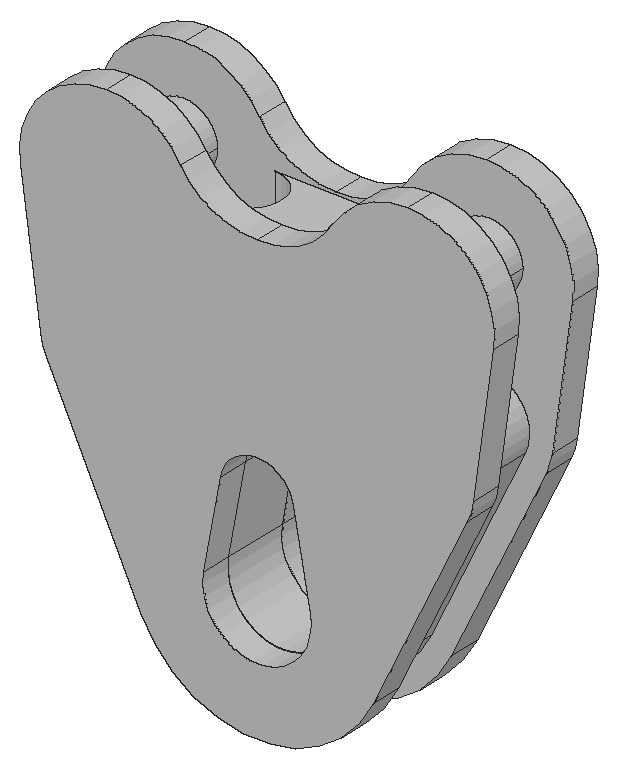
Revit family "HCL_Latchways_FallArrstSymGddAnchrLine_SingleSpanSystem", category Specialty Equipment, host Face, Revit 2014
Parameters (values of type "FallArrestSystemGuidedAnchorLine_SingleSpanSystem_SingleSpanTrolley_MSA_Latchways")
  WarrantyStartDate [instance] = "1900-12-31T23:59:59"
  WarrantyGuarantorParts = "n/a"
  WarrantyGuarantorLabor = "n/a"
  WarrantyDurationUnit = "year"
  WarrantyDurationParts = "n/a"
  WarrantyDurationLabor = "n/a"
  WarrantyDescription = "n/a"
  Version = "1"  # constant formula
  Uniclass2 = "Ss_80_30_25_35"
  URL = "www.latchways.com"
  Type Comments = "n/a"
  ThreadedSwageMaterial = LWplc_Latchways_StainlessSteel_MarineGrade316
  ThreadedSwage = no
  TagNumber [instance] = "n/a"
  SwageSlipIndicatorMaterial = LWplc_Latchways_StainlessSteel_MarineGrade316
  SustainabilityPerformance = "n/a"
  StartSetSwageSlipIndicator = no
  Size = "n/a"
  SingleSpanTrolleyMaterial = LWplc_Latchways_StainlessSteel_MarineGrade316
  SingleSpanTrolley = yes
  Shape = "n/a"
  ServiceLifeDuration = "n/a"
  SerialNumber [instance] = "n/a"
  RodMaterial = LWplc_Latchways_StainlessSteel_MarineGrade316
  Revision = "n/a"
  ReplacementCost = "n/a"
  Reference = "n/a"
  ProductInformation = "www.latchways.com/BIM/Latchways_OverheadSystem_SingleSpan_Trolley.pdf"
  NominalWidth = 0 mm
  NominalLength = 0 mm
  NominalHeight = 0 mm
  Name = "FallArrestSystemGuidedAnchorLine_SingleSpanSystem_SingleSpanTrolley_MSA_Latchways"
  NBSReference = "80-50-25/110"
  NBSNote = "n/a"
  NBSDescription = "Fall arrest system - guided anchor line"
  ModelReference = "Overhead system Single Span"
  ModelNumber = "n/a"
  Model = "n/a"
  Material = "All critical components are manufactured from stainless steel grade 316"
  ManufacturerURL = "www.latchways.com"
  ManufacturerName = "MSA Latchways"
  Manufacturer = "info@latchways.com"
  LongRunLineTenserMaterial = LWplc_Latchways_StainlessSteel_MarineGrade316
  LongRunLineTenser = no
  Installer Website = "https://www.hclsafety.com/"
  Installer Info = "https://www.hclsafety.com/wp-content/uploads/2017/10/AC55-HCL-A4-brochure-2017.pdf"
  InstallationDate [instance] = "1900-12-31T23:59:59"
  IfcExportType = "IfcTransportElement"  # constant formula
  IfcExportAs = "NOTDEFINED"  # constant formula
  HeavyDutyDRingMaterial = LWplc_Latchways_StainlessSteel_MarineGrade316
  HeavyDutyDRing = no
  Grade = "n/a"
  FireExit = no
  Finish = "n/a"
  Features = "n/a"
  ExtendedTurnbuckleBodyMaterial = LWplc_Latchways_StainlessSteel_MarineGrade316
  ExtendedTurnbuckleBody = no
  ExpectedLife = "n/a"
  EnergyAbsorberMaterial = LWplc_Latchways_PVCu_Vinakon_Black
  EnergyAbsorber = no
  EndSetSwageSlipIndicator = no
  DurationUnit = "year"
  Description = "Latchways’ overhead systems combine revolutionary Constant\r\nForce® technology with an innovative mobile anchorage device. With the capacity for multiple workers to be attached, the system offers unhindered mobilty and continuous, hands-free security whilst\r\nworking at height. System compliant with latest EN 795 standard"
  Default Elevation = 1219.2 mm
  Constituents = "n/a"
  Color = "n/a"
  CodePerformance = "n/a"
  Category = "n/a"
  BoltMaterial = LWplc_Latchways_StainlessSteel_MarineGrade316
  BarCode [instance] = "n/a"
  BIMObjectName = "HCL_Latchways_FallArrestSystemGuidedAnchorLine_SingleSpanSystem_SingleSpanTrolley"
  Author = "MSA Latchways"  # constant formula
  AssetType = "Fixed"
  AssetIdentifier [instance] = "n/a"
  AccessibilityPerformance = "n/a"
Types (4, lengths in mm): name | ThreadedSwage | StartSetSwageSlipIndicator | SingleSpanTrolley | ProductInformation | Name | LongRunLineTenser | HeavyDutyDRing | ExtendedTurnbuckleBody | EnergyAbsorber | EndSetSwageSlipIndicator | BIMObjectName
  (no name) | no | no | yes | "www.latchways.com/BIM/Latchways_OverheadSystem_SingleSpan_Trolley.pdf" | "FallArrestSystemGuidedAnchorLine_SingleSpanSystem_SingleSpanTrolley_MSA_Latchways" | no | no | no | no | no | "HCL_Latchways_FallArrestSystemGuidedAnchorLine_SingleSpanSystem_SingleSpanTrolley"
  FallArrestSystemGuidedAnchorLine_SingleSpanSystem_EndSet_MSA_Latchways | no | no | no | "www.latchways.com/BIM/Latchways_OverheadSystem_SingleSpan_Multispan_EndSet.pdf" | "FallArrestSystemGuidedAnchorLine_SingleSpanSystem_EndSet_MSA_Latchways" | no | yes | no | yes | yes | "HCL_Latchways_FallArrestSystemGuidedAnchorLine_SingleSpanSystem_EndSet"
  FallArrestSystemGuidedAnchorLine_SingleSpanSystem_SingleSpanTrolley_MSA_Latchways | no | no | yes | "www.latchways.com/BIM/Latchways_OverheadSystem_SingleSpan_Trolley.pdf" | "FallArrestSystemGuidedAnchorLine_SingleSpanSystem_SingleSpanTrolley_MSA_Latchways" | no | no | no | no | no | "HCL_Latchways_FallArrestSystemGuidedAnchorLine_SingleSpanSystem_SingleSpanTrolley"
  FallArrestSystemGuidedAnchorLine_SingleSpanSystem_StartSet_MSA_Latchways | yes | yes | no | "www.latchways.com/BIM/Latchways_OverheadSystem_SingleSpan_Multispan_StartSet.pdf" | "FallArrestSystemGuidedAnchorLine_SingleSpanSystem_StartSet_MSA_Latchways" | yes | yes | yes | no | no | "HCL_Latchways_FallArrestSystemGuidedAnchorLine_SingleSpanSystem_StartSet"
Reference planes
  plane 1 "Center (Front/Back)": y = 0
  plane 2: z = 0
  plane 3 "Center (Left/Right)": x = 0
Dimensions and locks
  aligned and locked: plane 2 to host face
  aligned and locked: level to host face
  aligned and locked: nested 1 to host face
Nested families
  nested 1: "LWplc_Latchways_FallArrstSymGddAnchrLine_HeavyDutyD-Ring" at (0, 0.469, 0) x (0, 1, 0) z (0, 0, 1), visible <- "HeavyDutyDRing", type "HeavyDutyD-Ring_Latchways"
  nested 2: "LWplc_Latchways_FallArrstSymGddAnchrLine_EnergyAbsorber" at (189.375, 0, 0) x (-1, 0, 0) z (0, 0, 1), visible <- "EnergyAbsorber", type "EnergyAbsorber_Latchways"
  nested 3: "LWplc_Latchways_FallArrstSymGddAnchrLine_SwageSlipIndicator" at (432.72, -0.04, 31.488) x (0, 0, 1) z (1, 0, 0), visible <- "EndSetSwageSlipIndicator", type "SwageSlipIndicator_Latchways"
  nested 4: "LWplc_Latchways_FallArrstSymGddAnchrLine_SingleSpanTrolley" at (0, 9.474, 30.297), visible <- "SingleSpanTrolley", type "SingleSpanTrolley_Latchways"
  nested 5: "LWplc_Latchways_FallArrstSymGddAnchrLine_LongRunLineTenser" at (-51.406, -0.156, 0) x (-1, 0, 0) z (0, 0, 1), visible <- "LongRunLineTenser", type "LongRunLineTenser_Latchways"
  nested 6: "LWplc_Latchways_FallArrstSymGddAnchrLine_TurnBuckleBody" at (-332.707, -0.156, 31.906) x (0, 0, 1) z (-1, 0, 0), visible <- "ExtendedTurnbuckleBody", type "TurnBuckleBody_Latchways"
  nested 7: "LWplc_Latchways_FallArrstSymGddAnchrLine_ThreadedSwage" at (-854.707, -0.156, 31.806) x (0, 0, 1) z (-1, 0, 0), visible <- "ThreadedSwage", type "FallArrestSystemGuidedAnchorLine_ThreadedSwage_Latchways"
  nested 8: "LWplc_Latchways_FallArrstSymGddAnchrLine_SwageSlipIndicator" at (-1191.707, -0.156, 32.111) x (0, 0, -1) z (-1, 0, 0), visible <- "StartSetSwageSlipIndicator", type "SwageSlipIndicator_Latchways"
Definition of nested family "LWplc_Latchways_FallArrstSymGddAnchrLine_HeavyDutyD-Ring"
  Parameters (values of type "HeavyDutyD-Ring_Latchways")
    D-RingMaterial = LWplc_Latchways_StainlessSteel_MarineGrade316
    D-RingVisible [instance] = yes
  Reference planes
    plane 1 "Center (Front/Back)": y = 0
    plane 2: z = 0
    plane 3 "Center (Left/Right)": x = 0
    plane 4: z = 10
    plane 5: y = 50.785
    plane 6: y = -51.526
  Forms (mm)
    Extrusion 1, solid, material "LWplc_Latchways_StainlessSteel_MarineGrade316" <- "D-RingMaterial", visible <- "D-RingVisible", detail levels medium+fine
      sketch origin (0, 0, 0) x (1, 0, 0) y (0, 1, 0)
        loop
          line (-24.815, -12.3) -> (-6.291, -49.853)
          arc (-6.291, -49.853) -> (-5.185, -51.074) -> (-3.601, -51.526) r 3
          line (-3.601, -51.526) -> (2.399, -51.526)
          arc (2.399, -51.526) -> (3.983, -51.074) -> (5.09, -49.853) r 3
          line (5.09, -49.853) -> (23.614, -12.3)
          arc (23.614, -12.3) -> (26.399, -0.352) -> (23.61, 11.596) r 27
          line (23.61, 11.596) -> (5.089, 49.113)
          arc (5.089, 49.113) -> (3.983, 50.333) -> (2.399, 50.785) r 3
          line (2.399, 50.785) -> (-3.601, 50.785)
          arc (-3.601, 50.785) -> (-5.184, 50.333) -> (-6.291, 49.113) r 3
          line (-6.291, 49.113) -> (-24.811, 11.596)
          arc (-24.811, 11.596) -> (-27.601, -0.352) -> (-24.815, -12.3) r 27
      from 0 to 10
    Extrusion 2, solid, material "LWplc_Latchways_StainlessSteel_MarineGrade316" <- "D-RingMaterial", visible <- "D-RingVisible"
      sketch origin (0, 535.467, 227.54) x (0, 1, 0) y (0, 0, 1)
        loop
          arc (-561.11, -182.619) -> (-535.818, -171.857) -> (-510.526, -182.619) r 35.1
          arc (-510.526, -182.619) -> (-507.087, -186.884) -> (-505.408, -192.099) r 15
          arc (-505.408, -192.099) -> (-507.841, -206.708) -> (-517.941, -217.54) r 25.661
          line (-517.941, -217.54) -> (-486.699, -217.54) -> (-486.699, -205.173)
          arc (-486.699, -205.173) -> (-497.091, -174.829) -> (-523.902, -157.227) r 49.497
          arc (-523.902, -157.227) -> (-566.124, -166.332) -> (-585.021, -205.173) r 49.366
          line (-585.021, -205.173) -> (-585.021, -217.54) -> (-553.695, -217.54)
          arc (-553.695, -217.54) -> (-563.795, -206.708) -> (-566.228, -192.099) r 25.661
          arc (-566.228, -192.099) -> (-564.55, -186.884) -> (-561.11, -182.619) r 15
      from -6.598 to 5.392
    Blend 3, void, detail levels medium+fine
      base sketch origin (0, 0, 0) x (1, 0, 0) y (0, 1, 0)
        loop
          circle (-0.625, -0.312) r 13.605
      top sketch origin (0, 0, 0) x (1, 0, 0) y (0, 1, 0)
        loop
          circle (-0.625, -0.312) r 8.974
      from 0 to 10
    Extrusion 4, solid, material "LWplc_Latchways_StainlessSteel_MarineGrade316" <- "D-RingMaterial", visible <- "D-RingVisible", detail levels coarse
      sketch origin (0, 0, 0) x (1, 0, 0) y (0, 1, 0)
        loop
          line (4.265, -51.526) -> (23.614, -12.3) -> (23.614, 11.588) -> (4.264, 50.785) -> (-5.465, 50.785) -> (-25, 11.213) -> (-25, -11.925) -> (-5.466, -51.526) -> (4.265, -51.526)
      from 0 to 10
  Cuts and joins
    Blend 3 cuts Extrusion 1
    Blend 3 cuts Extrusion 2
  Dimensions and locks
    aligned and locked: level to plane 2
    aligned and locked: plane 5 to Extrusion 1
    aligned and locked: plane 6 to Extrusion 1
    aligned and locked: Extrusion 2 to plane 4  (x2)
Definition of nested family "LWplc_Latchways_FallArrstSymGddAnchrLine_EnergyAbsorber"
  Parameters (values of type "EnergyAbsorber_Latchways")
    RodMaterial = LWplc_Latchways_StainlessSteel_MarineGrade316
    EnergyAbsorberVisible [instance] = yes
    EnergyAbsorberMaterial = LWplc_Latchways_PVCu_Vinakon_Black
    BoltMaterial = LWplc_Latchways_StainlessSteel_MarineGrade316
  Reference planes
    plane 1 "Center (Front/Back)": y = 0
    plane 2: z = 0
    plane 3 "Center (Left/Right)": x = 0
  Forms (mm)
    Extrusion 1, solid, material "LWplc_Latchways_PVCu_Vinakon_Black" <- "EnergyAbsorberMaterial", visible <- "EnergyAbsorberVisible", detail levels medium+fine
      sketch origin (0, 27.839, 0) x (1, 0, 0) y (0, 0, 1)
        loop
          line (-141.559, 32.09) -> (-140.796, 10.258)
          arc (-140.796, 10.258) -> (-136.948, 2.9) -> (-128.802, 1.29) r 9.607
          line (-128.802, 1.29) -> (-128.802, 5.402) -> (-108.802, 5.402) -> (-108.802, 0.591) -> (43.394, 0.591) -> (43.394, 5.746) -> (45.975, 5.729) -> (46.19, -0.41) -> (99.851, 1.464)
          arc (99.851, 1.464) -> (100.951, 1.919) -> (101.407, 3.019) r 1.555
          line (101.407, 3.019) -> (101.352, 4.583)
          arc (101.352, 4.583) -> (101.635, 5.267) -> (102.319, 5.55) r 0.967
          line (102.319, 5.55) -> (125.316, 6.353)
          arc (125.316, 6.353) -> (126.782, 6.96) -> (127.389, 8.427) r 2.074
          line (127.389, 8.427) -> (127.335, 9.99)
          arc (127.335, 9.99) -> (127.618, 10.674) -> (128.301, 10.957) r 0.967
          line (128.301, 10.957) -> (140.827, 11.395)
          arc (140.827, 11.395) -> (142.082, 11.895) -> (142.732, 13.08) r 2
          arc (142.732, 13.08) -> (143.858, 22.555) -> (144.234, 32.09) r 121.069
          arc (144.234, 32.09) -> (143.858, 41.624) -> (142.732, 51.099) r 121.069
          arc (142.732, 51.099) -> (142.082, 52.284) -> (140.827, 52.784) r 2
          line (140.827, 52.784) -> (128.301, 53.222)
          arc (128.301, 53.222) -> (127.618, 53.505) -> (127.335, 54.189) r 0.967
          line (127.335, 54.189) -> (127.389, 55.752)
          arc (127.389, 55.752) -> (126.782, 57.219) -> (125.316, 57.826) r 2.074
          line (125.316, 57.826) -> (102.319, 58.629)
          arc (102.319, 58.629) -> (101.635, 58.912) -> (101.352, 59.596) r 0.967
          line (101.352, 59.596) -> (101.407, 61.16)
          arc (101.407, 61.16) -> (100.951, 62.26) -> (99.851, 62.715) r 1.555
          line (99.851, 62.715) -> (46.19, 64.589) -> (45.975, 58.45) -> (43.394, 58.433) -> (43.394, 63.589) -> (-108.802, 63.589) -> (-108.802, 58.777) -> (-128.802, 58.777) -> (-128.802, 62.889)
          arc (-128.802, 62.889) -> (-136.948, 61.279) -> (-140.796, 53.921) r 9.607
          line (-140.796, 53.921) -> (-141.559, 32.09)
      from -6.643 to 62.32
    Extrusion 2, solid, material "LWplc_Latchways_PVCu_Vinakon_Black" <- "EnergyAbsorberMaterial", visible <- "EnergyAbsorberVisible"
      sketch origin (0, 27.839, 0) x (1, 0, 0) y (0, 1, 0)
        loop
          line (-78.744, 6.643) -> (38.592, 6.643)
          arc (38.592, 6.643) -> (-20.076, 40.314) -> (-78.744, 6.643) r 67.946
        loop
          line (38.349, -62.32) -> (-78.501, -62.32)
          arc (-78.501, -62.32) -> (-20.076, -95.579) -> (38.349, -62.32) r 67.946
      from 1.29 to 62.715
    Extrusion 3, solid, material "LWplc_Latchways_PVCu_Vinakon_Black" <- "EnergyAbsorberMaterial", visible <- "EnergyAbsorberVisible", detail levels coarse
      sketch origin (0, 27.839, 0) x (1, 0, 0) y (0, 0, 1)
        loop
          line (-140.796, 53.921) -> (-141.559, 32.09) -> (-140.796, 10.258)
          arc (-140.796, 10.258) -> (-136.948, 2.9) -> (-128.802, 1.29) r 9.607
          line (-128.802, 1.29) -> (-128.802, 5.402) -> (-108.802, 5.402) -> (-108.802, 0.591) -> (101.352, 0.591) -> (101.352, 5.516) -> (127.389, 6.425) -> (127.389, 11.452) -> (142.462, 11.452)
          arc (142.462, 11.452) -> (143.79, 21.733) -> (144.234, 32.09) r 121.069
          arc (144.234, 32.09) -> (143.79, 42.446) -> (142.462, 52.727) r 121.069
          line (142.462, 52.727) -> (127.389, 52.727) -> (127.389, 57.754) -> (101.352, 58.663) -> (101.352, 63.589) -> (-108.802, 63.589) -> (-108.802, 58.777) -> (-128.802, 58.777) -> (-128.802, 62.889)
          arc (-128.802, 62.889) -> (-136.948, 61.279) -> (-140.796, 53.921) r 9.607
      from -6.643 to 62.32
    Extrusion 4, solid, material "LWplc_Latchways_StainlessSteel_MarineGrade316" <- "BoltMaterial", visible <- "EnergyAbsorberVisible"
      sketch origin (-1.875, 27.839, 0) x (1, 0, 0) y (0, 0, 1)
        loop
          line (145.113, 16.591) -> (176.117, 16.591)
          arc (176.117, 16.591) -> (191.117, 31.591) -> (176.117, 46.591) r 15
          line (176.117, 46.591) -> (145.238, 46.591)
          arc (145.238, 46.591) -> (145.891, 39.355) -> (146.109, 32.091) r 121.069
          arc (146.109, 32.091) -> (145.86, 24.324) -> (145.113, 16.591) r 121.069
      from 16.254 to 21.254
    Extrusion 5, solid, material "LWplc_Latchways_StainlessSteel_MarineGrade316" <- "BoltMaterial", visible <- "EnergyAbsorberVisible"
      sketch origin (-1.875, 9.906, 0) x (1, 0, 0) y (0, 0, 1)
        loop
          line (145.113, 16.591) -> (176.117, 16.591)
          arc (176.117, 16.591) -> (191.117, 31.591) -> (176.117, 46.591) r 15
          line (176.117, 46.591) -> (145.237, 46.591)
          arc (145.237, 46.591) -> (145.891, 39.354) -> (146.109, 32.09) r 121.069
          arc (146.109, 32.09) -> (145.86, 24.324) -> (145.113, 16.591) r 121.069
      from 16.254 to 21.254
    Extrusion 6, solid, material "LWplc_Latchways_StainlessSteel_MarineGrade316" <- "BoltMaterial", visible <- "EnergyAbsorberVisible", detail levels medium+fine
      sketch origin (0, 0, 0) x (1, 0, 0) y (0, 0, 1)
        loop
          circle (172.655, 31.654) r 5.9
      from -6.585 to 6.348
    Extrusion 7, solid, material "LWplc_Latchways_StainlessSteel_MarineGrade316" <- "BoltMaterial", visible <- "EnergyAbsorberVisible", detail levels medium+fine
      sketch origin (0, 0, 0) x (1, 0, 0) y (0, 0, 1)
        loop
          line (161.884, 31.704) -> (167.313, 22.301) -> (177.997, 22.301) -> (183.426, 31.704) -> (177.997, 41.007) -> (167.313, 41.007) -> (161.884, 31.704)
      from 11.348 to 18.933
    Extrusion 8, solid, material "LWplc_Latchways_StainlessSteel_MarineGrade316" <- "BoltMaterial", visible <- "EnergyAbsorberVisible", detail levels medium+fine
      sketch origin (0, 30.518, 0) x (1, 0, 0) y (0, 0, 1)
        loop
          line (161.884, 31.704) -> (167.313, 22.301) -> (177.997, 22.301) -> (183.426, 31.704) -> (177.997, 41.007) -> (167.313, 41.007) -> (161.884, 31.704)
      from 11.348 to 18.933
    Extrusion 9, solid, material "LWplc_Latchways_StainlessSteel_MarineGrade316" <- "BoltMaterial", visible <- "EnergyAbsorberVisible", detail levels medium+fine
      sketch origin (-130.211, 172.659, 0) x (0, -1, 0) y (0, 0, 1)
        loop
          line (161.884, 31.704) -> (167.313, 22.301) -> (177.997, 22.301) -> (183.426, 31.704) -> (177.997, 41.007) -> (167.313, 41.007) -> (161.884, 31.704)
      from 11.348 to 22.691
    Revolve 10, solid, material "LWplc_Latchways_StainlessSteel_MarineGrade316" <- "RodMaterial", visible <- "EnergyAbsorberVisible"
      sketch origin (0, 0, 0) x (1, 0, 0) y (0, 0, 1)
        loop
          line (-243.345, 31.654) -> (-141.559, 31.654) -> (-141.559, 37.954) -> (-239.845, 37.954) -> (-243.345, 37.016) -> (-243.345, 31.654)
        axis (-141.559, 31.654) -> (-243.345, 31.654)
      angle from 0 to 360
  Dimensions and locks
    aligned and locked: level to plane 2
    aligned and locked: Extrusion 1 to Extrusion 3  (x2)
    aligned and locked: Extrusion 2 to Extrusion 1  (x2)
Definition of nested family "LWplc_Latchways_FallArrstSymGddAnchrLine_SwageSlipIndicator"
  Parameters (values of type "SwageSlipIndicator_Latchways")
    SwageSlipVisible [instance] = yes
    SwageSlipMaterial = LWplc_Latchways_StainlessSteel_MarineGrade316
    SwageSlipLength = 25 mm
    Default Elevation = 1219.2 mm
  Reference planes
    plane 1 "Center (Front/Back)": y = 0
    plane 2: z = 0
    plane 3 "Center (Left/Right)": x = 0
    plane 4: z = 25
    plane 5: z = 21.622
    plane 6: z = 3.378
    plane 7: z = 12.5
  Forms (mm)
    Extrusion 1, solid, material "LWplc_Latchways_StainlessSteel_MarineGrade316" <- "SwageSlipMaterial", visible <- "SwageSlipVisible"
      sketch origin (0, 0, 12.5) x (0, 1, 0) y (-1, 0, 0)
        loop
          circle (0, 0) r 6.35
      from -12.5 to 12.5
    Extrusion 2, void
      sketch origin (0, 0, 12.5) x (0, 1, 0) y (-1, 0, 0)
        loop
          circle (0, 0) r 4.75
      from -9.122 to 9.122
    Blend 3, void
      base sketch origin (0, 0, 12.5) x (0, 1, 0) y (-1, 0, 0)
        loop
          circle (0, 0) r 5.55
      top sketch origin (0, 0, 12.5) x (0, 1, 0) y (-1, 0, 0)
        loop
          circle (0, 0) r 4.75
      from -12.5 to -9.122
    Blend 4, void
      base sketch origin (0, 0, 0) x (1, 0, 0) y (0, 1, 0)
        loop
          circle (0, 0) r 4.75
      top sketch origin (0, 0, 0) x (1, 0, 0) y (0, 1, 0)
        loop
          circle (0, 0) r 5.55
      from 21.622 to 25
  Cuts and joins
    Extrusion 2, Blend 3, Blend 4 cuts Extrusion 1
  Dimensions and locks
    aligned and locked: level to plane 2
    aligned and locked: Blend 4 to plane 5
    aligned and locked: plane 4 to Blend 4
Definition of nested family "LWplc_Latchways_FallArrstSymGddAnchrLine_SingleSpanTrolley"
  Parameters (values of type "SingleSpanTrolley_Latchways")
    SingleSpanTrolleyVisible [instance] = yes
    SingleSpanTrolleyMaterial = LWplc_Latchways_StainlessSteel_MarineGrade316
  Reference planes
    plane 1 "Center (Front/Back)": y = 0
    plane 2: z = 0
    plane 3 "Center (Left/Right)": x = 0
  Forms (mm)
    Extrusion 1, solid, material "LWplc_Latchways_StainlessSteel_MarineGrade316" <- "SingleSpanTrolleyMaterial", visible <- "SingleSpanTrolleyVisible", detail levels medium+fine
      sketch origin (0, 0, 0) x (1, 0, 0) y (0, 0, 1)
        loop
          arc (-22.214, 47.553) -> (-31.847, 43.355) -> (-34.875, 33.293) r 12.5
          line (-34.875, 33.293) -> (-31.902, 12.163)
          arc (-31.902, 12.163) -> (-31.571, 10.659) -> (-31.013, 9.224) r 10
          line (-31.013, 9.224) -> (-17.125, -19.674)
          arc (-17.125, -19.674) -> (0, -30.444) -> (17.125, -19.674) r 19
          line (17.125, -19.674) -> (31.013, 9.224)
          arc (31.013, 9.224) -> (31.571, 10.659) -> (31.902, 12.163) r 10
          line (31.902, 12.163) -> (34.875, 33.293)
          arc (34.875, 33.293) -> (31.847, 43.355) -> (22.214, 47.553) r 12.5
          arc (22.214, 47.553) -> (15.951, 46.034) -> (11.277, 41.598) r 12.5
          arc (11.277, 41.598) -> (6.483, 37.042) -> (0, 35.569) r 12.5
          arc (0, 35.569) -> (-6.399, 36.997) -> (-11.195, 41.468) r 12.5
          arc (-11.195, 41.468) -> (-15.881, 45.996) -> (-22.214, 47.553) r 12.5
        loop
          line (-5.409, 2.349) -> (-7.868, -10.998)
          arc (-7.868, -10.998) -> (0, -20.447) -> (7.868, -10.998) r 8
          line (7.868, -10.998) -> (5.409, 2.349)
          arc (5.409, 2.349) -> (0, 6.853) -> (-5.409, 2.349) r 5.5
      from 0 to 4.5
    Extrusion 2, solid, material "LWplc_Latchways_StainlessSteel_MarineGrade316" <- "SingleSpanTrolleyMaterial", visible <- "SingleSpanTrolleyVisible", detail levels medium+fine
      sketch origin (0, -14.5, 0) x (1, 0, 0) y (0, 0, 1)
        loop
          arc (-22.214, 47.553) -> (-31.847, 43.355) -> (-34.875, 33.293) r 12.5
          line (-34.875, 33.293) -> (-31.902, 12.163)
          arc (-31.902, 12.163) -> (-31.571, 10.659) -> (-31.013, 9.224) r 10
          line (-31.013, 9.224) -> (-17.125, -19.674)
          arc (-17.125, -19.674) -> (0, -30.444) -> (17.125, -19.674) r 19
          line (17.125, -19.674) -> (31.013, 9.224)
          arc (31.013, 9.224) -> (31.571, 10.659) -> (31.902, 12.163) r 10
          line (31.902, 12.163) -> (34.875, 33.293)
          arc (34.875, 33.293) -> (31.847, 43.355) -> (22.214, 47.553) r 12.5
          arc (22.214, 47.553) -> (15.951, 46.034) -> (11.277, 41.598) r 12.5
          arc (11.277, 41.598) -> (6.483, 37.042) -> (0, 35.569) r 12.5
          arc (0, 35.569) -> (-6.399, 36.997) -> (-11.195, 41.468) r 12.5
          arc (-11.195, 41.468) -> (-15.881, 45.996) -> (-22.214, 47.553) r 12.5
        loop
          arc (5.409, 2.349) -> (0, 6.853) -> (-5.409, 2.349) r 5.5
          line (-5.409, 2.349) -> (-7.868, -10.998)
          arc (-7.868, -10.998) -> (0, -20.447) -> (7.868, -10.998) r 8
          line (7.868, -10.998) -> (5.409, 2.349)
      from 0 to 4.5
    Extrusion 3, solid, material "LWplc_Latchways_StainlessSteel_MarineGrade316" <- "SingleSpanTrolleyMaterial", visible <- "SingleSpanTrolleyVisible", detail levels medium+fine
      sketch origin (0, 0, 0) x (1, 0, 0) y (0, 0, 1)
        loop
          arc (-22, 20.053) -> (-27.502, 17.013) -> (-27.859, 10.737) r 6.5
          line (-27.859, 10.737) -> (-13.97, -18.161)
          arc (-13.97, -18.161) -> (0, -26.947) -> (13.97, -18.161) r 15.5
          line (13.97, -18.161) -> (27.859, 10.737)
          arc (27.859, 10.737) -> (27.502, 17.013) -> (22, 20.053) r 6.5
          line (22, 20.053) -> (-22, 20.053)
        loop
          line (-5.409, 2.349) -> (-7.868, -10.998)
          arc (-7.868, -10.998) -> (0, -20.447) -> (7.868, -10.998) r 8
          line (7.868, -10.998) -> (5.409, 2.349)
          arc (5.409, 2.349) -> (0, 6.853) -> (-5.409, 2.349) r 5.5
      from 4.5 to 14.5
    Extrusion 4, solid, material "LWplc_Latchways_StainlessSteel_MarineGrade316" <- "SingleSpanTrolleyMaterial", visible <- "SingleSpanTrolleyVisible", detail levels medium+fine
      sketch origin (0, 0, 0) x (1, 0, 0) y (0, 0, 1)
        loop
          circle (-22.5, 35.053) r 5
        loop
          circle (22.5, 35.053) r 5
      from 4.5 to 14.5
    Extrusion 5, solid, material "LWplc_Latchways_StainlessSteel_MarineGrade316" <- "SingleSpanTrolleyMaterial", visible <- "SingleSpanTrolleyVisible", detail levels medium+fine
      sketch origin (0, 0, 0) x (1, 0, 0) y (0, 1, 0)
        loop
          arc (-9.01, -4.5) -> (-4.01, -9.5) -> (-9.01, -14.5) r 5
          line (-9.01, -14.5) -> (8.99, -14.5)
          arc (8.99, -14.5) -> (3.99, -9.5) -> (8.99, -4.5) r 5
          line (8.99, -4.5) -> (-9.01, -4.5)
      from 30.034 to 35.175
    Extrusion 6, solid, material "LWplc_Latchways_StainlessSteel_MarineGrade316" <- "SingleSpanTrolleyMaterial", visible <- "SingleSpanTrolleyVisible", detail levels coarse
      sketch origin (0, 0, 0) x (-1, 0, 0) y (0, 0, 1)
        loop
          arc (22.214, 47.553) -> (15.881, 45.996) -> (11.195, 41.468) r 12.5
          arc (11.195, 41.468) -> (6.399, 36.997) -> (0, 35.569) r 12.5
          arc (0, 35.569) -> (-6.483, 37.042) -> (-11.277, 41.598) r 12.5
          arc (-11.277, 41.598) -> (-15.951, 46.034) -> (-22.214, 47.553) r 12.5
          arc (-22.214, 47.553) -> (-31.847, 43.355) -> (-34.875, 33.293) r 12.5
          line (-34.875, 33.293) -> (-31.902, 12.163)
          arc (-31.902, 12.163) -> (-31.571, 10.659) -> (-31.013, 9.224) r 10
          line (-31.013, 9.224) -> (-17.125, -19.674)
          arc (-17.125, -19.674) -> (0, -30.444) -> (17.125, -19.674) r 19
          line (17.125, -19.674) -> (31.013, 9.224)
          arc (31.013, 9.224) -> (31.571, 10.659) -> (31.902, 12.163) r 10
          line (31.902, 12.163) -> (34.875, 33.293)
          arc (34.875, 33.293) -> (31.847, 43.355) -> (22.214, 47.553) r 12.5
      from -19 to 0
  Cuts and joins
    joined: Extrusion 1, Extrusion 2, Extrusion 5
  Lines and regions (mm)
    model lines, visible <- "SingleSpanTrolleyVisible", detail levels fine
      curve 1: circle (22.5, 0, 35.053) r 5 normal (0, -1, 0)
      curve 2: circle (-22.5, 0, 35.053) r 5 normal (0, -1, 0)
      curve 3: line (-22, 0, 20.053) -> (22, 0, 20.053)
      curve 4: arc (27.859, 0, 10.737) -> (27.502, 0, 17.013) -> (22, 0, 20.053) r 6.5
      curve 5: arc (-22, 0, 20.053) -> (-27.502, 0, 17.013) -> (-27.859, 0, 10.737) r 6.5
      curve 6: line (-27.859, 0, 10.737) -> (-13.97, 0, -18.161)
      curve 7: arc (-13.97, 0, -18.161) -> (0, 0, -26.947) -> (13.97, 0, -18.161) r 15.5
      curve 8: line (27.859, 0, 10.737) -> (13.97, 0, -18.161)
      curve 9: arc (7.738, 0, 3.382) -> (0, 0, 9.353) -> (-7.738, 0, 3.382) r 8
      curve 10: line (-7.738, 0, 3.382) -> (-11.124, 0, -9.531)
      curve 11: arc (-11.124, 0, -9.531) -> (0, 0, -23.947) -> (11.124, 0, -9.531) r 11.5
      curve 12: line (7.738, 0, 3.382) -> (11.124, 0, -9.531)
      curve 13: circle (22.5, -19, 35.053) r 5 normal (0, -1, 0)
      curve 14: circle (-22.5, -19, 35.053) r 5 normal (0, -1, 0)
      curve 15: line (-22, -19, 20.053) -> (22, -19, 20.053)
      curve 16: arc (27.859, -19, 10.737) -> (27.502, -19, 17.013) -> (22, -19, 20.053) r 6.5
      curve 17: arc (-22, -19, 20.053) -> (-27.502, -19, 17.013) -> (-27.859, -19, 10.737) r 6.5
      curve 18: line (-27.859, -19, 10.737) -> (-13.97, -19, -18.161)
      curve 19: arc (-13.97, -19, -18.161) -> (0, -19, -26.947) -> (13.97, -19, -18.161) r 15.5
      curve 20: line (27.859, -19, 10.737) -> (13.97, -19, -18.161)
      curve 21: arc (7.738, 0, 3.382) -> (0, 0, 9.353) -> (-7.738, 0, 3.382) r 8
      curve 22: line (-7.738, 0, 3.382) -> (-11.124, 0, -9.531)
      curve 23: arc (-11.124, 0, -9.531) -> (0, 0, -23.947) -> (11.124, 0, -9.531) r 11.5
      curve 24: line (7.738, 0, 3.382) -> (11.124, 0, -9.531)
      curve 25: line (-23.366, 0, 36.553) -> (-24.232, 0, 35.053)
      curve 26: line (-21.634, 0, 36.553) -> (-23.366, 0, 36.553)
      curve 27: line (-20.768, 0, 35.053) -> (-21.634, 0, 36.553)
      curve 28: line (-21.634, 0, 33.553) -> (-20.768, 0, 35.053)
      curve 29: line (-23.366, 0, 33.553) -> (-21.634, 0, 33.553)
      curve 30: line (-24.232, 0, 35.053) -> (-23.366, 0, 33.553)
      curve 31: circle (-22.5, 0, 35.053) r 0.5 normal (0, -1, 0)
      curve 32: line (23.366, 0, 36.553) -> (21.634, 0, 36.553)
      curve 33: line (24.232, 0, 35.053) -> (23.366, 0, 36.553)
      curve 34: line (23.366, 0, 33.553) -> (24.232, 0, 35.053)
      curve 35: line (21.634, 0, 33.553) -> (23.366, 0, 33.553)
      curve 36: line (20.768, 0, 35.053) -> (21.634, 0, 33.553)
      curve 37: line (21.634, 0, 36.553) -> (20.768, 0, 35.053)
      curve 38: circle (22.5, 0, 35.053) r 0.5 normal (0, -1, 0)
      curve 39: line (-23.366, -19, 36.553) -> (-24.232, -19, 35.053)
      curve 40: line (-21.634, -19, 36.553) -> (-23.366, -19, 36.553)
      curve 41: line (-20.768, -19, 35.053) -> (-21.634, -19, 36.553)
      curve 42: line (-21.634, -19, 33.553) -> (-20.768, -19, 35.053)
      curve 43: line (-23.366, -19, 33.553) -> (-21.634, -19, 33.553)
      curve 44: line (-24.232, -19, 35.053) -> (-23.366, -19, 33.553)
      curve 45: circle (-22.5, -19, 35.053) r 0.5 normal (0, -1, 0)
      curve 46: line (23.366, -19, 36.553) -> (21.634, -19, 36.553)
      curve 47: line (24.232, -19, 35.053) -> (23.366, -19, 36.553)
      curve 48: line (23.366, -19, 33.553) -> (24.232, -19, 35.053)
      curve 49: line (21.634, -19, 33.553) -> (23.366, -19, 33.553)
      curve 50: line (20.768, -19, 35.053) -> (21.634, -19, 33.553)
      curve 51: line (21.634, -19, 36.553) -> (20.768, -19, 35.053)
      curve 52: circle (22.5, -19, 35.053) r 0.5 normal (0, -1, 0)
  Dimensions and locks
    aligned and locked: level to plane 2
    aligned and locked: Extrusion 3 to Extrusion 2
    aligned and locked: Extrusion 3 to Extrusion 1
    aligned and locked: Extrusion 4 to Extrusion 1
Definition of nested family "LWplc_Latchways_FallArrstSymGddAnchrLine_LongRunLineTenser"
  Parameters (values of type "LongRunLineTenser_Latchways")
    LongRunLineTenserVisible [instance] = yes
    LongRunLineTenserMaterial = LWplc_Latchways_StainlessSteel_MarineGrade316
  Reference planes
    plane 1 "Center (Front/Back)": y = 0
    plane 2: z = 0
    plane 3 "Center (Left/Right)": x = 0
  Forms (mm)
    Extrusion 1, solid, material "LWplc_Latchways_StainlessSteel_MarineGrade316" <- "LongRunLineTenserMaterial", visible <- "LongRunLineTenserVisible"
      sketch origin (0, 0, 19.1) x (1, 0, 0) y (0, 1, 0)
        loop
          arc (-28.06, 6.144) -> (-25.728, 6.327) -> (-23.453, 6.869) r 15
          line (-23.453, 6.869) -> (2.645, 15.292)
          arc (2.645, 15.292) -> (4.327, 15.743) -> (6.062, 15.894) r 10
          line (6.062, 15.894) -> (27.801, 15.894)
          arc (27.801, 15.894) -> (28.861, 15.455) -> (29.301, 14.394) r 1.5
          line (29.301, 14.394) -> (29.301, -14.606)
          arc (29.301, -14.606) -> (28.861, -15.666) -> (27.801, -16.106) r 1.5
          line (27.801, -16.106) -> (6.062, -16.106)
          arc (6.062, -16.106) -> (4.327, -15.954) -> (2.645, -15.504) r 10
          line (2.645, -15.504) -> (-23.453, -7.081)
          arc (-23.453, -7.081) -> (-25.728, -6.538) -> (-28.06, -6.356) r 15
          line (-28.06, -6.356) -> (-28.06, -11.356)
          arc (-28.06, -11.356) -> (-26.919, -11.361) -> (-25.784, -11.475) r 12.009
          arc (-25.784, -11.475) -> (-24.963, -11.638) -> (-24.16, -11.869) r 10
          line (-24.16, -11.869) -> (1.93, -20.565)
          arc (1.93, -20.565) -> (3.442, -20.97) -> (5.001, -21.106) r 9
          line (5.001, -21.106) -> (27.801, -21.106)
          arc (27.801, -21.106) -> (32.397, -19.202) -> (34.301, -14.606) r 6.5
          line (34.301, -14.606) -> (34.301, 14.394)
          arc (34.301, 14.394) -> (32.397, 18.991) -> (27.801, 20.894) r 6.5
          line (27.801, 20.894) -> (5.001, 20.894)
          arc (5.001, 20.894) -> (3.442, 20.758) -> (1.93, 20.354) r 9
          line (1.93, 20.354) -> (-24.16, 11.658)
          arc (-24.16, 11.658) -> (-25.483, 11.315) -> (-26.84, 11.156) r 10
          arc (-26.84, 11.156) -> (-27.45, 11.144) -> (-28.06, 11.156) r 15.3
          line (-28.06, 11.156) -> (-28.06, 6.144)
      from 0 to 25
    Extrusion 2, solid, material "LWplc_Latchways_StainlessSteel_MarineGrade316" <- "LongRunLineTenserMaterial", visible <- "LongRunLineTenserVisible"
      sketch origin (0, 0, 19.1) x (1, 0, 0) y (0, 0, 1)
        loop
          line (-28.06, 25) -> (-38.999, 25)
          arc (-38.999, 25) -> (-51.499, 12.5) -> (-38.999, 0) r 12.5
          line (-38.999, 0) -> (-28.06, 0) -> (-28.06, 25)
      from 6.356 to 11.406
    Extrusion 3, solid, material "LWplc_Latchways_StainlessSteel_MarineGrade316" <- "LongRunLineTenserMaterial", visible <- "LongRunLineTenserVisible"
      sketch origin (0, 17.512, 19.1) x (1, 0, 0) y (0, 0, 1)
        loop
          line (-28.06, 25) -> (-38.999, 25)
          arc (-38.999, 25) -> (-51.499, 12.5) -> (-38.999, 0) r 12.5
          line (-38.999, 0) -> (-28.06, 0) -> (-28.06, 25)
      from 6.356 to 11.406
    Extrusion 4, solid, material "LWplc_Latchways_StainlessSteel_MarineGrade316" <- "LongRunLineTenserMaterial", visible <- "LongRunLineTenserVisible"
      sketch origin (0, 0, 19.1) x (1, 0, 0) y (0, 0, 1)
        loop
          line (-48.052, 17.871) -> (-48.052, 7.129) -> (-38.674, 1.714) -> (-29.346, 7.129) -> (-29.346, 17.9) -> (-38.724, 23.286) -> (-48.052, 17.871)
      from 11.406 to 18.856
    Extrusion 5, solid, material "LWplc_Latchways_StainlessSteel_MarineGrade316" <- "LongRunLineTenserMaterial", visible <- "LongRunLineTenserVisible"
      sketch origin (0, 30.012, 19.1) x (1, 0, 0) y (0, 0, 1)
        loop
          line (-48.052, 17.871) -> (-48.052, 7.129) -> (-38.674, 1.714) -> (-29.346, 7.129) -> (-29.346, 17.9) -> (-38.724, 23.286) -> (-48.052, 17.871)
      from 10.171 to 18.856
    Extrusion 6, solid, material "LWplc_Latchways_StainlessSteel_MarineGrade316" <- "LongRunLineTenserMaterial", visible <- "LongRunLineTenserVisible", detail levels medium+fine
      sketch origin (0, 0, 19.1) x (1, 0, 0) y (0, 0, 1)
        loop
          circle (-38.799, 12.5) r 8.9
      from -6.106 to 6.356
    Extrusion 7, solid, material "LWplc_Latchways_StainlessSteel_MarineGrade316" <- "LongRunLineTenserMaterial", visible <- "LongRunLineTenserVisible", detail levels medium+fine
      sketch origin (0, 0, 19.1) x (0, 1, 0) y (0, 0, 1)
        loop
          circle (0, 12.218) r 12
      from 34.301 to 36.001
    Extrusion 8, solid, material "LWplc_Latchways_StainlessSteel_MarineGrade316" <- "LongRunLineTenserMaterial", visible <- "LongRunLineTenserVisible", detail levels medium+fine
      sketch origin (0, -0.078, 19.1) x (0, 1, 0) y (0, 0, 1)
        loop
          line (11, 12.378) -> (7.778, 20.157) -> (0, 23.378) -> (-7.778, 20.157) -> (-11, 12.378) -> (-7.778, 4.6) -> (0, 1.378) -> (7.778, 4.6) -> (11, 12.378)
      from 36.001 to 46.101
    Extrusion 9, solid, material "LWplc_Latchways_StainlessSteel_MarineGrade316" <- "LongRunLineTenserMaterial", visible <- "LongRunLineTenserVisible"
      sketch origin (-16.878, -0.078, 19.1) x (0, 1, 0) y (0, 0, 1)
        loop
          line (11, 12.378) -> (7.778, 20.157) -> (0, 23.378) -> (-7.778, 20.157) -> (-11, 12.378) -> (-7.778, 4.6) -> (0, 1.378) -> (7.778, 4.6) -> (11, 12.378)
      from 36.179 to 46.179
    Extrusion 10, solid, material "LWplc_Latchways_StainlessSteel_MarineGrade316" <- "LongRunLineTenserMaterial", visible <- "LongRunLineTenserVisible"
      sketch origin (-26.878, -0.078, 19.1) x (0, 1, 0) y (0, 0, 1)
        loop
          line (11, 12.378) -> (7.778, 20.157) -> (0, 23.378) -> (-7.778, 20.157) -> (-11, 12.378) -> (-7.778, 4.6) -> (0, 1.378) -> (7.778, 4.6) -> (11, 12.378)
      from 36.179 to 46.179
    Extrusion 11, solid, material "LWplc_Latchways_StainlessSteel_MarineGrade316" <- "LongRunLineTenserMaterial", visible <- "LongRunLineTenserVisible"
      sketch origin (0, 0, 19.1) x (0, 1, 0) y (0, 0, 1)
        loop
          circle (0, 12.837) r 6
        loop
          circle (0, 12.837) r 5.5
      from 34.301 to 281.301
    Extrusion 12, solid, material "LWplc_Latchways_StainlessSteel_MarineGrade316" <- "LongRunLineTenserMaterial", visible <- "LongRunLineTenserVisible"
      sketch origin (-350, -0.078, 19.1) x (0, 1, 0) y (0, 0, 1)
        loop
          circle (0, 12.837) r 6
      from 349.301 to 359.301
    Extrusion 13, void, detail levels medium+fine
      sketch origin (0, 0, 19.1) x (1, 0, 0) y (0, 1, 0)
        loop
          circle (4.045, 0) r 2
      from 5.314 to 20.157
  Cuts and joins
    Extrusion 13 cuts Extrusion 12
  Dimensions and locks
    aligned and locked: level to plane 2
    aligned and locked: Extrusion 6 to Extrusion 1
    aligned and locked: Extrusion 6 to Extrusion 3
    aligned and locked: Extrusion 12 to Extrusion 10
    aligned and locked: Extrusion 11 to Extrusion 1
Definition of nested family "LWplc_Latchways_FallArrstSymGddAnchrLine_TurnBuckleBody"
  Parameters (values of type "TurnBuckleBody_Latchways")
    TurnBuckleBodyVisible [instance] = yes
    TurnBuckleBodyMaterial = LWplc_Latchways_StainlessSteel_MarineGrade316
    TurnBuckleBodyLength = 522 mm
    Default Elevation = 1219.2 mm
  Reference planes
    plane 1 "Center (Front/Back)": y = 0
    plane 2: z = 0
    plane 3 "Center (Left/Right)": x = 0
    plane 4: z = 522
    plane 5: z = 506.271
    plane 6: z = 16
    plane 7: z = 261
    plane 8: z = 270.668
    plane 9: z = 251.642
  Forms (mm)
    Revolve 1, solid, material "LWplc_Latchways_StainlessSteel_MarineGrade316" <- "TurnBuckleBodyMaterial", visible <- "TurnBuckleBodyVisible", detail levels medium+fine
      sketch origin (0, 0, 261.271) x (0, 0, -1) y (0, -1, 0)
        loop
          line (-245, -12.717) -> (-245, 0) -> (-260.729, 0) -> (-260.729, -10.471) -> (-255.929, -10.471) -> (-253.907, -12.717) -> (-245, -12.717)
        axis (-245, 0) -> (-260.729, 0)
      angle from 0 to 360
    Extrusion 2, solid, material "LWplc_Latchways_StainlessSteel_MarineGrade316" <- "TurnBuckleBodyMaterial", visible <- "TurnBuckleBodyVisible", detail levels medium+fine
      sketch origin (0, 0, 261) x (0, 1, 0) y (-1, 0, 0)
        loop
          circle (0, 0) r 11.2
      from -245 to -9.358
    Extrusion 3, solid, material "LWplc_Latchways_StainlessSteel_MarineGrade316" <- "TurnBuckleBodyMaterial", visible <- "TurnBuckleBodyVisible", detail levels medium+fine
      sketch origin (0, 0, 261) x (0, 1, 0) y (-1, 0, 0)
        loop
          line (0, 9.612) -> (-5.749, 9.612)
          arc (-5.749, 9.612) -> (-9.742, 5.525) -> (-11.2, 0) r 11.2
          arc (-11.2, 0) -> (-9.845, -5.34) -> (-6.108, -9.388) r 11.2
          line (-6.108, -9.388) -> (0, -9.388) -> (6.108, -9.388)
          arc (6.108, -9.388) -> (9.845, -5.34) -> (11.2, 0) r 11.2
          arc (11.2, 0) -> (9.742, 5.525) -> (5.749, 9.612) r 11.2
          line (5.749, 9.612) -> (0, 9.612)
      from 9.668 to -9.358
    Extrusion 4, void, detail levels medium+fine
      sketch origin (0, 0, 261) x (0, 0, 1) y (0, 1, 0)
        loop
          circle (-0.02, 0.138) r 4.15
      from -34.935 to 40
    Revolve 5, solid, material "LWplc_Latchways_StainlessSteel_MarineGrade316" <- "TurnBuckleBodyMaterial", visible <- "TurnBuckleBodyVisible", detail levels medium+fine
      sketch origin (0, 0, 260.729) x (0, 0, 1) y (0, 1, 0)
        loop
          line (-244.729, 12.717) -> (-253.907, 12.717) -> (-255.929, 10.471) -> (-260.729, 10.471) -> (-260.729, 0) -> (-244.729, 0) -> (-244.729, 12.717)
        axis (-244.729, 0) -> (-260.729, 0)
      angle from 0 to 360
    Extrusion 6, solid, material "LWplc_Latchways_StainlessSteel_MarineGrade316" <- "TurnBuckleBodyMaterial", visible <- "TurnBuckleBodyVisible", detail levels coarse
      sketch origin (0, 0, 261) x (0, 1, 0) y (-1, 0, 0)
        loop
          circle (0, 0) r 11.2
      from -261 to 261
    Extrusion 7, solid, material "LWplc_Latchways_StainlessSteel_MarineGrade316" <- "TurnBuckleBodyMaterial", visible <- "TurnBuckleBodyVisible", detail levels medium+fine
      sketch origin (0, 0, 216.55) x (1, 0, 0) y (0, 1, 0)
        loop
          circle (0, 0) r 11.2
      from 54.118 to 289.722
  Cuts and joins
    Extrusion 4 cuts Extrusion 3
    joined: Extrusion 2, Extrusion 3, Extrusion 7
  Dimensions and locks
    locked: plane 4 to plane 5 at 15.729
    equal spacing: plane 4, plane 7, plane 2
    "TurnBuckleBodyLength": plane 4 to plane 2
    plane 8 to plane 7 to plane 9 = 9.668 mm locked, 9.358 mm locked
    aligned and locked: level to plane 2
    aligned and locked: plane 4 to Revolve 1
    aligned and locked: plane 5 to Revolve 1
    aligned and locked: Revolve 5 to plane 2
    aligned and locked: plane 6 to Revolve 5
    aligned and locked: plane 6 to cut or joined group of Extrusion 2, Extrusion 3, Extrusion 4, Extrusion 7
    aligned and locked: cut or joined group of Extrusion 2, Extrusion 3, Extrusion 4, Extrusion 7 to plane 5
    aligned and locked: plane 8 to cut or joined group of Extrusion 2, Extrusion 3, Extrusion 4, Extrusion 7
    aligned and locked: cut or joined group of Extrusion 2, Extrusion 3, Extrusion 4, Extrusion 7 to plane 8
    aligned and locked: cut or joined group of Extrusion 2, Extrusion 3, Extrusion 4, Extrusion 7 to plane 9
    aligned and locked: plane 9 to cut or joined group of Extrusion 2, Extrusion 3, Extrusion 4, Extrusion 7
  Automatic sketch dimensions
    Revolve 1 sketch curve to plane 1 "Center (Front/Back)" = 0 mm  (x2)
    plane 4 to Revolve 1 sketch curve = 0 mm  (x2)
    plane 5 to Revolve 1 sketch curve = 0 mm
    Revolve 1 sketch curve to plane 1 "Center (Front/Back)" = 12.717 mm
    plane 4 to Revolve 1 sketch curve = 4.8 mm
    Revolve 1 sketch curve to Revolve 1 sketch curve = 2.022 mm
    plane 5 to Revolve 1 sketch curve = 0.136 mm
    Revolve 1 sketch curve to Revolve 1 sketch curve = 2.246 mm
    plane 1 "Center (Front/Back)" to Extrusion 2 sketch curve = 0 mm
    Extrusion 2 sketch curve to plane 3 "Center (Left/Right)" = 0 mm
    Extrusion 3 sketch curve to Extrusion 3 sketch curve = 0 mm  (x12)
    plane 1 "Center (Front/Back)" to Extrusion 3 sketch curve = 0 mm  (x3)
    plane 3 "Center (Left/Right)" to Extrusion 3 sketch curve = 9.388 mm
    Extrusion 3 sketch curve to plane 3 "Center (Left/Right)" = 0 mm
    plane 1 "Center (Front/Back)" to Extrusion 3 sketch curve = 5.749 mm
    Extrusion 3 sketch curve to Extrusion 3 sketch curve = 6.108 mm
    Extrusion 3 sketch curve to plane 1 "Center (Front/Back)" = 5.749 mm
    Extrusion 4 sketch curve to plane 7 = 0.02 mm
    Extrusion 4 sketch curve to plane 1 "Center (Front/Back)" = 0.138 mm
    Revolve 5 sketch curve to level = 0 mm  (x2)
    Revolve 5 sketch curve to plane 1 "Center (Front/Back)" = 0 mm  (x2)
    plane 6 to Revolve 5 sketch curve = 0 mm
    level to Revolve 5 sketch curve = 4.8 mm
    Revolve 5 sketch curve to plane 1 "Center (Front/Back)" = 10.471 mm
    Revolve 5 sketch curve to Revolve 5 sketch curve = 2.022 mm
    Revolve 5 sketch curve to Revolve 5 sketch curve = 0.136 mm
    Revolve 5 sketch curve to Revolve 5 sketch curve = 2.246 mm
    Extrusion 6 sketch curve to Extrusion 6 sketch curve = 0 mm  (x2)
    Extrusion 6 sketch curve to plane 3 "Center (Left/Right)" = 0 mm
    plane 1 "Center (Front/Back)" to Extrusion 6 sketch curve = 0 mm
    plane 1 "Center (Front/Back)" to Extrusion 6 sketch curve = 11.2 mm
    Extrusion 7 sketch curve to Extrusion 7 sketch curve = 0 mm  (x2)
    Extrusion 7 sketch curve to plane 3 "Center (Left/Right)" = 0 mm
    plane 1 "Center (Front/Back)" to Extrusion 7 sketch curve = 0 mm
    plane 1 "Center (Front/Back)" to Extrusion 7 sketch curve = 11.2 mm
    radius of Extrusion 2 sketch curve = 11.2 mm
    radius of Extrusion 4 sketch curve = 4.15 mm
Definition of nested family "LWplc_Latchways_FallArrstSymGddAnchrLine_ThreadedSwage"
  Parameters (values of type "FallArrestSystemGuidedAnchorLine_ThreadedSwage_Latchways")
    ThreadedSwageVisible [instance] = yes
    ThreadedSwageMaterial = LWplc_Latchways_StainlessSteel_MarineGrade316
    ThreadedSwageLength = 337 mm
    Default Elevation = 1219.2 mm
  Reference planes
    plane 1 "Center (Front/Back)": y = 0
    plane 2: z = 0
    plane 3 "Center (Left/Right)": x = 0
    plane 4: z = 337
  Forms (mm)
    Extrusion 1, solid, material "LWplc_Latchways_StainlessSteel_MarineGrade316" <- "ThreadedSwageMaterial", visible <- "ThreadedSwageVisible"
      sketch origin (0.273, 0, 137.29) x (0, 1, 0) y (-1, 0, 0)
        loop
          circle (0, 0) r 6.35
        loop
          circle (0, 0) r 4.15
      from -137.29 to 199.71
  Dimensions and locks
    "ThreadedSwageLength": plane 4 to plane 2
    aligned and locked: level to plane 2
    aligned and locked: Extrusion 1 to plane 2
    aligned and locked: Extrusion 1 to plane 4
  Automatic sketch dimensions
    Extrusion 1 sketch curve to Extrusion 1 sketch curve = 0 mm  (x2)
    plane 1 "Center (Front/Back)" to Extrusion 1 sketch curve = 0 mm
    plane 3 "Center (Left/Right)" to Extrusion 1 sketch curve = 0.273 mm
    radius of Extrusion 1 sketch curve = 6.35 mm
    radius of Extrusion 1 sketch curve = 4.15 mm
